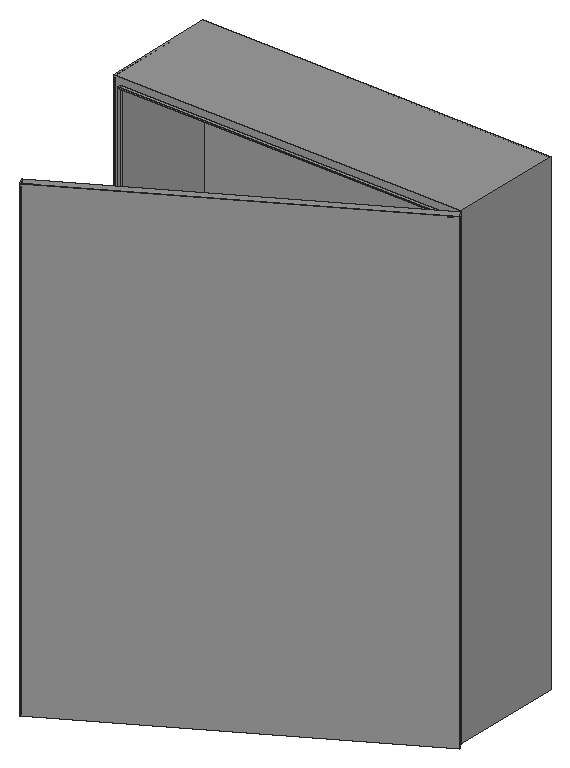
Revit family "Hager-Univers-IP55-D275-H1100-Cl.II-Steel_encl-NoHosted-FR-fr", category Electrical Equipment, Revit 2020
Family settings
  Panel Configuration = Two Columns, Circuits Across
  Round Connector Dimension = Use Diameter
  Part Type = Panelboard
  Work Plane-Based = Yes
  Always vertical = Yes
  Cut with Voids When Loaded = No
  Shared = No
  Room Calculation Point = No
Parameters (values of type "saillie IP55 L800 H1100 P275  - FR73S")
  Width Control [instance] = if([EF000008 - largeur] > Min Width, [EF000008 - largeur], Min Width)  # 800 mm
  Type Comments = [HG000003 - Gamme]  # "Univers"
  Thickness Door [instance] = if([EF009171 - épaisseur de matériau de la porte/du couvercle] > 3 mm, 3 mm, [EF009171 - épaisseur de matériau de la porte/du couvercle])  # 1.5 mm
  Seal Frame Offset [instance] = 17 mm  # constant formula
  Plinth Visibility [instance] = [HG000027 - Hauteur du socle] > 0 mm  # no
  Min Width [instance] = 100 mm  # constant formula
  Min Depth [instance] = (2 * [EF009170 - épaisseur de matériau du boîtier]) + 1 mm  # 4 mm
  Min Height [instance] = 100 mm  # constant formula
  Internal Frame Depth [instance] = (Door System Depth * 0.5)  # 9 mm
  Panel Name [instance] = ""  # (empty or 0)
  Model = ""
  HG000027 - Hauteur du socle = 0 mm
  HG000026 - Installation au sol = no
  HG000024 - Hauteur de la section basse = 600 mm
  HG000023 - Armoire double section = no
  HG000016 - Visibilité de la porte 3D [instance] = yes
  HG000015 - Visibilité de l'emprise de la porte [instance] = no
  HG000014 - Porte à droite [instance] = yes
  HG000013 - Porte à gauche [instance] = not([HG000014 - Porte à droite])  # no
  HG000012 - Angle de pivotement de la porte [instance] = 30.00°
  HG000010 - Portes asymétriques = no
  HG000009 - Porte à double battant = no
  HG000006 - Encastré = no
  HG000004 - Référence fabricant = "FR73S"
  HG000003 - Gamme = "Univers"
  HG000002 - avec porte = yes
  Frame Offset Bottom [instance] = 10 mm  # constant formula
  Frame Offset [instance] = 15 mm  # constant formula
  EF015940 - couvercle avec décharge de pression = no
  EF011959 - degré de protection (NEMA) = ""
  EF009554 - nombre d'ouvertures pour plaques à bride = 6
  EF009212 - finition du couvercle = "EV000116 - fermé"
  EF009171 - épaisseur de matériau de la porte/du couvercle = 1.5 mm
  EF009170 - épaisseur de matériau du boîtier = 1.5 mm
  EF008873 - courant nominal (In) = 800 A
  EF007800 - adapté à un parafoudre = no
  EF006306 - avec serrure = no
  EF006244 - couvercle/porte transparent(e) = no
  EF005474 - indice de protection (IP) = "EV006420 - IP55"
  EF004464 - type de porte = "EV002646 - unique"
  EF004427 - nombre de modules = 252
  EF004293 - indice de protection contre les chocs (IK) = "EV008784 - IK10"
  EF003532 - convient pour utilisation à l’extérieur = no
  EF002950 - largeur en nombre de modules = 24
  EF001613 - maintien de fonction = "EV000494 - sans"
  EF001596 - matériau du boîtier/corps = "EV000179 - acier"
  EF001131 - profondeur intérieure = 275 mm
  EF001088 - possibilité de montage en saillie = yes
  EF000437 - nombre d'entrées de conduit = 6
  EF000339 - type de capot = "EV004216 - porte"
  EF000266 - nombre de rangées = 7
  EF000218 - profondeur d'encastrement = 0 mm
  EF000118 - avec cadre/support de montage = no
  EF000116 - numéro RAL = "7035"
  EF000049 - profondeur = 275 mm
  EF000040 - hauteur = 1100 mm
  EF000008 - largeur = 800 mm
  EF000007 - couleur = "EV000270 - gris"
  EF000003 - mode de pose = "EV000384 - saillie"
  Door System Leaf Tolerance [instance] = 1.5 mm  # constant formula
  Door System Depth [instance] = 18 mm  # constant formula
  Door Height [instance] = Height Control - [HG000027 - Hauteur du socle]  # 1100 mm
  Description = ""
  Default Elevation = 1219.2 mm
  Connector Offset [instance] = Height Control / 2  # 550 mm
  Manufacturer = "Hager"  # constant formula
  Height Control [instance] = if([EF000040 - hauteur] > Min Height, [EF000040 - hauteur], Min Height)  # 1100 mm
  Depth Control [instance] = if([EF000049 - profondeur] > Min Depth, [EF000049 - profondeur], Min Depth)  # 275 mm
  Bottom Top Plate Trim [instance] = 1.5 mm  # constant formula
  Plinth height Ctrl [instance] = if([HG000027 - Hauteur du socle] > 0 mm, [HG000027 - Hauteur du socle], 12 mm)  # 12 mm
Types (3, lengths in mm): name | Width Control | HG000009 - Porte à double battant | HG000004 - Référence fabricant | EF009554 - nombre d'ouvertures pour plaques à bride | EF004464 - type de porte | EF004427 - nombre de modules | EF000437 - nombre d'entrées de conduit | EF000008 - largeur
  saillie IP55 L1050 H1100 P275  - FR74S | 1050 | yes | "FR74S" | 8 | "EV003602 - double" | 336 | 8 | 1050
  saillie IP55 L550 H1100 P275  - FR72S | 550 | no | "FR72S" | 4 | "EV002646 - unique" | 168 | 4 | 550
  saillie IP55 L800 H1100 P275  - FR73S | 800 | no | "FR73S" | 6 | "EV002646 - unique" | 252 | 6 | 800
Reference planes
  plane 1 "Center (Front/Back)": y = 0
  plane 2: z = 0
  plane 3 "Center (Left/Right)": x = 0
  plane 4: y = 0
  plane 5: y = 0
  plane 6: z = 0
  plane 7: x = -400
  plane 8: x = 400
  plane 9: x = 398.5
  plane 10: x = -398.5
  plane 11: z = 0
  plane 12: z = 1.5
  plane 13: y = -275
  plane 14: y = -1.5
  plane 15: x = 0
  plane 16: y = -257
  plane 17: y = -273.5
  plane 18: y = -255.5
  plane 19: x = -383.5
  plane 20: x = 383.5
  plane 21: z = 11.5
  plane 22: x = -383
  plane 23: x = 383
  plane 24: z = 0
  plane 25: z = 1100
  plane 26: z = 1100
  plane 27: z = 1083.5
  plane 28: z = 1098.5
Forms (mm)
  Extrusion 1, solid, material "Hager_Steel_RAL7035_Light_Grey", detail levels medium+fine
    sketch origin (-208.679, -4572, 0) x (-1, 0, 0) y (0, -1, 0)
      loop
        line (191.321, -4315) -> (-608.679, -4315) -> (-608.679, -4572) -> (191.321, -4572) -> (191.321, -4315)
    from 0 to 1100
  Extrusion 2, void
    sketch origin (-350.771, -275, 1219.2) x (1, 0, 0) y (0, 0, 1)
      loop
        line (-47.729, -120.7) -> (-47.729, -1217.7) -> (749.271, -1217.7) -> (749.271, -120.7) -> (-47.729, -120.7)
    from -19.5 to -273.5
  Extrusion 3, void
    sketch origin (-290.084, -257, 1219.2) x (1, 0, 0) y (0, 0, 1)
      loop
        line (-93.416, -1207.7) -> (673.584, -1207.7) -> (673.584, -135.7) -> (-93.416, -135.7) -> (-93.416, -1207.7)
    from 0 to -1.5
  Extrusion 4, solid, material "Hager_Steel_RAL7035_Light_Grey", visible <- "Plinth Visibility", detail levels medium+fine
    sketch origin (0, 0, 0) x (1, 0, 0) y (0, 1, 0)
      loop
        line (-400, 0) -> (-400, -257) -> (400, -257) -> (400, 0) -> (-400, 0)
    from 0 to 12 <- "Plinth height Ctrl"
  Extrusion 5, solid, material "Hager_Steel_RAL7035_Light_Grey", detail levels coarse
    sketch origin (0, 0, 0) x (1, 0, 0) y (0, 1, 0)
      loop
        line (-400, 0) -> (-400, -275) -> (400, -275) -> (400, 0) -> (-400, 0)
    from 0 to 1100 <- "Height Control"
  Sweep 6, void
    path in 3D
      loop
        line (-400, -257, 12) -> (400, -257, 12) -> (400, 0, 12) -> (-400, 0, 12) -> (-400, -257, 12)
    profile origin (-400, -128.5, 12) x (1, 0, 0) y (0, 0, 1)
      loop
        line (0, 0) -> (0, -1.5) -> (1.5, -1.5)
        arc (1.5, -1.5) -> (1.061, -0.439) -> (0, 0) r 1.5
  Extrusion 7, solid, material "Hager_Steel_RAL7035_Light_Grey", detail levels fine
    sketch origin (-400, -257, 0) x (1, 0, 0) y (0, 0, 1)
      loop
        line (16.5, 11.5) -> (783.5, 11.5) -> (783.5, 1083.5) -> (16.5, 1083.5) -> (16.5, 11.5)
      loop
        line (15, 10) -> (785, 10) -> (785, 1085) -> (15, 1085) -> (15, 10)
    from 0 to 9 <- "Internal Frame Depth"
Cuts and joins
  Extrusion 2, Extrusion 3 cuts Extrusion 1
  Sweep 6 cuts Extrusion 4
Lines and regions (mm)
  Masking region 1
    outline origin (0, 0, 0) x (1, 0, 0) y (0, 1, 0)
      loop
        line (-400, 0) -> (-400, -275) -> (400, -275) -> (400, 0) -> (-400, 0)
  Masking region 2, detail levels coarse
    outline origin (-290.084, -257, 1219.2) x (-1, 0, 0) y (0, 0, 1)
      loop
        line (-690.084, -1219.2) -> (109.916, -1219.2) -> (109.916, -119.2) -> (-690.084, -119.2) -> (-690.084, -1219.2)
  Masking region 3, detail levels coarse
    outline origin (0, 0, 0) x (0, 1, 0) y (0, 0, 1)
      loop
        line (0, 0) -> (0, 1100) -> (-275, 1100) -> (-275, 0) -> (0, 0)
  Masking region 4, visible <- "Plinth Visibility", detail levels medium+fine
    outline origin (0, 0, 0) x (0, 1, 0) y (0, 0, 1)
      loop
        line (-1.5, 12) -> (-255.5, 12)
        arc (-255.5, 12) -> (-255.939, 10.939) -> (-257, 10.5) r 1.5
        line (-257, 10.5) -> (-257, 0) -> (0, 0) -> (0, 10.5)
        arc (0, 10.5) -> (-1.061, 10.939) -> (-1.5, 12) r 1.5
  Masking region 5, detail levels medium+fine
    outline origin (0, 0, 594.038) x (0, 1, 0) y (0, 0, 1)
      loop
        line (0, -594.038) -> (0, 505.962) -> (-257, 505.962) -> (-257, -594.038) -> (0, -594.038)
  Masking region 6, detail levels medium+fine
    outline origin (-359.7, -257, 1211.883) x (-1, 0, 0) y (0, 0, 1)
      loop
        line (-759.7, -1211.883) -> (40.3, -1211.883) -> (40.3, -111.883) -> (-759.7, -111.883) -> (-759.7, -1211.883)
  Masking region 7, visible <- "Plinth Visibility", detail levels medium+fine
    outline origin (-320.334, -257, 1041.368) x (-1, 0, 0) y (0, 0, 1)
      loop
        line (-720.334, -1041.368) -> (79.666, -1041.368) -> (79.666, -1030.868)
        arc (79.666, -1030.868) -> (78.606, -1030.429) -> (78.166, -1029.368) r 1.5
        line (78.166, -1029.368) -> (-718.834, -1029.368)
        arc (-718.834, -1029.368) -> (-719.273, -1030.429) -> (-720.334, -1030.868) r 1.5
        line (-720.334, -1030.868) -> (-720.334, -1041.368)
  sketch lines
    curve 1: line (-400, 0, 12) -> (-400, -257, 12)
    curve 2: line (-400, -257, 12) -> (400, -257, 12)
    curve 3: line (400, 0, 12) -> (-400, 0, 12)
    curve 4: line (400, -257, 12) -> (400, 0, 12)
Dimensions and locks
  locked: plane 1 "Center (Front/Back)" to plane 5
  "EF009170 - épaisseur de matériau du boîtier": plane 7 to plane 10
  "EF009170 - épaisseur de matériau du boîtier": plane 8 to plane 9
  equal spacing: plane 7, plane 3 "Center (Left/Right)", plane 8
  "Width Control": plane 7 to plane 8
  "Depth Control": plane 4 to plane 13
  "EF009170 - épaisseur de matériau du boîtier": plane 4 to plane 14
  "Height Control": plane 25 to level
  "HG000027 - Hauteur du socle": plane 11 to level
  "EF009170 - épaisseur de matériau du boîtier": plane 12 to plane 11
  "EF009170 - épaisseur de matériau du boîtier": plane 17 to plane 13
  "EF009170 - épaisseur de matériau du boîtier": plane 18 to plane 16
  "Frame Offset Bottom": plane 21 to plane 12
  "Frame Offset": plane 10 to plane 19
  "Frame Offset": plane 9 to plane 20
  "Door System Depth": plane 16 to plane 13
  "Seal Frame Offset": plane 7 to plane 22
  "Seal Frame Offset": plane 8 to plane 23
  "EF009170 - épaisseur de matériau du boîtier": plane 26 to plane 28
  "Frame Offset": plane 28 to plane 27
  "Connector Offset": plane 2 to connector elem
  "Bottom Top Plate Trim": profile plane to Sweep 6 sketch curve
  "Bottom Top Plate Trim": Sweep 6 sketch curve to Sweep 6 sketch curve
  "Plinth height Ctrl": Masking region 4 sketch curve to level
  "Plinth height Ctrl": Masking region 7 sketch curve to level
  "Thickness Door": Extrusion 7 sketch curve to Extrusion 7 sketch curve  (x4)
  "Bottom Top Plate Trim": radius of Sweep 6 sketch curve
  "Bottom Top Plate Trim": radius of Masking region 4 sketch curve  (x2)
  "Bottom Top Plate Trim": radius of Masking region 7 sketch curve  (x2)
  aligned and locked: Extrusion 2 sketch curve to plane 12
  aligned and locked: Extrusion 2 sketch curve to plane 9
  aligned and locked: Extrusion 2 sketch curve to plane 10
  aligned and locked: Extrusion 2 to plane 14
  aligned and locked: Extrusion 1 sketch curve to plane 4
  aligned and locked: plane 8 to Extrusion 1 sketch curve
  aligned and locked: plane 7 to Extrusion 1 sketch curve
  aligned and locked: Extrusion 2 to plane 18
  aligned and locked: Extrusion 3 sketch curve to plane 19
  aligned and locked: plane 20 to Extrusion 3 sketch curve
  aligned and locked: Extrusion 3 to Extrusion 2
  aligned and locked: Extrusion 3 sketch curve to plane 21
  aligned and locked: plane 3 "Center (Left/Right)" to nested 1
  aligned and locked: Extrusion 1 sketch curve to plane 16
  aligned and locked: Extrusion 4 sketch curve to cut or joined group of Extrusion 1, Extrusion 2, Extrusion 3
  aligned and locked: Masking region 1 sketch curve to plane 7
  aligned and locked: Masking region 1 sketch curve to plane 5
  aligned and locked: Masking region 1 sketch curve to plane 8
  aligned and locked: Masking region 2 sketch curve to level
  aligned and locked: level to Masking region 3 sketch curve
  aligned and locked: plane 1 "Center (Front/Back)" to Masking region 3 sketch curve
  aligned and locked: plane 13 to Masking region 3 sketch curve
  aligned and locked: plane 5 to Masking region 4 sketch curve
  aligned and locked: Masking region 2 sketch curve to plane 8
  aligned and locked: Masking region 2 sketch curve to plane 7
  aligned and locked: plane 7 to nested 2
  aligned and locked: nested 2 to plane 5
  aligned and locked: plane 5 to Masking region 5 sketch curve
  aligned and locked: plane 26 to Masking region 5 sketch curve
  aligned and locked: Extrusion 5 sketch curve to plane 8
  aligned and locked: Extrusion 5 sketch curve to plane 7
  aligned and locked: Extrusion 5 sketch curve to plane 5
  aligned and locked: Extrusion 3 sketch curve to plane 27
  aligned and locked: Extrusion 2 sketch curve to plane 28
  aligned and locked: Masking region 2 to plane 25
  aligned and locked: Extrusion 4 to plane 16
  aligned and locked: profile plane to Sweep 6 sketch curve
  aligned and locked: Masking region 5 sketch curve to plane 24
  aligned and locked: level to Masking region 4 sketch curve
  aligned and locked: Masking region 1 to plane 13
  aligned and locked: nested 1 to plane 16
  aligned and locked: Masking region 3 to plane 25
  aligned and locked: plane 16 to Masking region 4 sketch curve
  aligned and locked: Masking region 5 sketch curve to plane 16
  aligned and locked: plane 24 to plane 11
  aligned and locked: plane 26 to plane 25
  aligned and locked: plane 26 to cut or joined group of Extrusion 1, Extrusion 2, Extrusion 3
  aligned and locked: nested 1 to plane 24
  aligned and locked: Extrusion 1 to Extrusion 3
  aligned and locked: Masking region 6 sketch curve to plane 8
  aligned and locked: Masking region 6 sketch curve to plane 24
  aligned and locked: Masking region 6 sketch curve to plane 7
  aligned and locked: Masking region 6 sketch curve to plane 26
  aligned and locked: Masking region 7 sketch curve to plane 7
  aligned and locked: level to Masking region 7 sketch curve
  aligned and locked: Masking region 7 sketch curve to plane 8
  aligned and locked: Extrusion 7 sketch curve to cut or joined group of Extrusion 1, Extrusion 2, Extrusion 3  (x4)
Automatic sketch dimensions
  plane 19 to Extrusion 3 sketch curve = 0 mm
  Extrusion 3 sketch curve to plane 20 = 0 mm
  Extrusion 3 sketch curve to plane 21 = 0 mm
  Extrusion 4 sketch curve to plane 7 = 0 mm
  Extrusion 4 sketch curve to plane 8 = 0 mm
  Extrusion 4 sketch curve to plane 16 = 0 mm
  Masking region 1 sketch curve to plane 13 = 0 mm
  Masking region 2 sketch curve to plane 25 = 0 mm
  Masking region 3 sketch curve to plane 25 = 0 mm
  Extrusion 5 sketch curve to plane 13 = 0 mm
  profile plane to Sweep 6 sketch curve = 0 mm
Nested families
  nested 1: "EC000058_Univers_Door" at (0, -257, 0), Double <- "HG000009 - Porte à double battant", Transparent <- "EF006244 - couvercle/porte transparent(e)", Angle <- "HG000012 - Angle de pivotement de la porte", Door_Right <- "HG000014 - Porte à droite", Assymetrical <- "HG000010 - Portes asymétriques", Door <- "HG000002 - avec porte", Width_Ctrl <- "Width Control", 3d_Door <- "HG000016 - Visibilité de la porte 3D", Clearance <- "HG000015 - Visibilité de l'emprise de la porte", Door_Left <- "HG000013 - Porte à gauche", Width <- "Width Control", Door_Depth <- "Door System Depth", Leaf_Tolerance <- "Door System Leaf Tolerance", Height <- "Door Height", Lock_Visibility <- "EF006306 - avec serrure", Thickness <- "Thickness Door", type "EC000058_Univers_Door", detail levels medium+fine
    with min_wh 4 mm, Width_Ctrl 800 mm, Width 800 mm, Transparent no, Thickness 1.5 mm, Seal_Material Hager_Rubber, Lock_Visibility no, Lock_Material Hager_Plastic_RAL9005_Jet_Black, Leaf_Width 800 mm, Leaf_Tolerance_External_Sides 0 mm, Leaf_Tolerance 1.5 mm, Leaf_Offset 0 mm, Leaf_Height 1097 mm, Leaf_2_Width 800 mm, Leaf_2_Offset 400 mm, Leaf_1_Width 800 mm, Leaf_1_Offset 400 mm, Height_Ctrl 1100 mm, Height 1100 mm, Glass_Material Hager_Glass, Double_Clearance_Ctrl no, Double no, Door_Right_Ctrl yes, Door_Right yes, Door_Material Hager_Steel_RAL7035_Light_Grey, Door_Left_Ctrl no, Door_Left no, Door_Depth 18 mm, Door yes, Clearance_Material Hager_Clearance, Clearance_Depth 800 mm, Clearance_Ctrl no, Clearance no, Assymetrical no, Angle 30.00°, 3d_Door yes
  nested 2: "Hager_Enclosure_Symbol" at (-400, 0, 0), Height <- "Depth Control", Width <- "Width Control", type "Hager_Enclosure_Symbol"
    with Width_Ctrl 800 mm, Width 800 mm, Height_Ctrl 275 mm, Height 275 mm, A_Width_Int 18.047 mm, A_Width 216.562 mm, A_Height_Ctrl 240.625 mm, A_Height 240.625 mm
Connectors
  electrical at (0, 0, 550)
    settings: on plane 1 "Center (Front/Back)", index 1, voltage 0 V, apparent load 0 VA, apparent load phase1 0 VA, apparent load phase2 0 VA, apparent load phase3 0 VA, power factor 1, load classification "Other", number of poles 1, system type 30, power factor state 1, is connector primary yes, connector utility no, sub classification motor no, connector description ""
Definition of nested family "EC000058_Univers_Door"
  Parameters (values of type "EC000058_Univers_Door")
    min_wh [instance] = (2 * Thickness) + 1 mm  # 11 mm
    Width_Ctrl [instance] = 400 mm
    Width [instance] = 500 mm
    Transparent [instance] = yes
    Thickness [instance] = 5 mm
    Seal_Material [instance] = none
    Lock_Visibility [instance] = yes
    Lock_Material [instance] = none
    Leaf_Width [instance] = if((Width_Ctrl - 2 * Leaf_Tolerance_External_Sides) > 0 mm, (Width_Ctrl - 2 * Leaf_Tolerance_External_Sides), min_wh)  # 400 mm
    Leaf_Tolerance_External_Sides [instance] = 0 mm  # constant formula
    Leaf_Tolerance [instance] = 1.5 mm
    Leaf_Offset [instance] = 0 mm  # constant formula
    Leaf_Height [instance] = if((Height_Ctrl - 2 * Leaf_Tolerance) > 0 mm, (Height_Ctrl - 2 * Leaf_Tolerance), min_wh)  # 497 mm
    Leaf_2_Width [instance] = if(and(and(Double, Assymetrical), Door_Left), (Leaf_Width / 3) - (Leaf_Tolerance / 2), if(and(and(Double, Assymetrical), Door_Right), (Leaf_Width / 3) * 2 - (Leaf_Tolerance / 2), if(and(Double, not(Assymetrical)), (Leaf_Width / 2) - Leaf_Tolerance, Leaf_Width)))  # 400 mm
    Leaf_2_Offset [instance] = if(and(Double, Assymetrical), Leaf_2_Width / 2, if(and(Double, not(Assymetrical)), Leaf_Width / 4, Leaf_Width / 2))  # 200 mm
    Leaf_1_Width [instance] = if(and(and(Double, Assymetrical), Door_Right), (Leaf_Width / 3) - (Leaf_Tolerance / 2), if(and(and(Double, Assymetrical), Door_Left), (Width / 3) * 2 - (Leaf_Tolerance / 2), if(and(Double, not(Assymetrical)), (Leaf_Width / 2) - Leaf_Tolerance, Leaf_Width)))  # 400 mm
    Leaf_1_Offset [instance] = if(and(Double, Assymetrical), Leaf_1_Width / 2, if(and(Double, not(Assymetrical)), Leaf_Width / 4, Leaf_Width / 2))  # 200 mm
    Height_Ctrl [instance] = if(Height > min_wh, Height, min_wh)  # 500 mm
    Height [instance] = 500 mm
    Glass_Material [instance] = none
    Double_Clearance_Ctrl [instance] = and(Double, Clearance)  # no
    Double [instance] = no
    Door_Right_Ctrl [instance] = and(or(Door_Right, Double), Door)  # yes
    Door_Right [instance] = yes
    Door_Material [instance] = none
    Door_Left_Ctrl [instance] = and(or(Door_Left, Double), Door)  # no
    Door_Left [instance] = no
    Door_Depth [instance] = 30 mm
    Door [instance] = yes
    Default Elevation = 1219.2 mm
    Clearance_Material [instance] = none
    Clearance_Depth [instance] = if(Leaf_1_Width > Leaf_2_Width, Leaf_1_Width, Leaf_2_Width)  # 400 mm
    Clearance_Ctrl [instance] = and(not(Double), Clearance)  # yes
    Clearance [instance] = yes
    Assymetrical [instance] = yes
    Angle [instance] = 30.00°
    3d_Door [instance] = yes
  Reference planes
    plane 1 "Center (Front/Back)": y = 0
    plane 2 "Bottom": z = 0
    plane 3 "Center (Left/Right)": x = 0
    plane 4: z = 500
    plane 5: x = -200
    plane 6: x = 200
    plane 7: z = 500
    plane 8: x = -200
    plane 9: z = 0
    plane 10: x = 200
    plane 11: y = 0
    plane 12: z = 1.5
    plane 13: x = -600
    plane 14: y = -400
    plane 15: x = 600
    plane 16: x = 0
    plane 17: x = 0
    plane 18: x = -200
    plane 19: x = 200
    plane 20: z = 498.5
  Forms (mm)
    Extrusion 1, solid, material <- "Clearance_Material", visible <- "Double_Clearance_Ctrl"
      sketch origin (1200, 0, 0) x (1, 0, 0) y (0, 0, -1)
        loop
          line (-1800, -498.5) -> (-600, -498.5) -> (-600, 0) -> (-1800, 0) -> (-1800, -498.5)
      from 0 to -400
  Dimensions and locks
    equal spacing: plane 5, plane 3 "Center (Left/Right)", plane 6
    "Width_Ctrl": plane 5 to plane 6
    "Leaf_Offset": plane 5 to plane 8
    "Leaf_Offset": plane 6 to plane 10
    "Leaf_Offset": plane 9 to level
    "Leaf_Offset": plane 4 to plane 7
    "Height_Ctrl": plane 4 to level
    "Leaf_Tolerance": plane 12 to plane 9
    locked: plane 11 to plane 1 "Center (Front/Back)"
    "Leaf_1_Offset": plane 18 to plane 16
    "Leaf_2_Offset": plane 17 to plane 19
    "Leaf_1_Width": plane 13 to plane 8
    "Leaf_2_Width": plane 10 to plane 15
    "Clearance_Depth": plane 14 to plane 1 "Center (Front/Back)"
    "Leaf_Tolerance_External_Sides": plane 8 to plane 18
    "Leaf_Tolerance_External_Sides": plane 19 to plane 10
    "Leaf_Tolerance": plane 7 to plane 20
    aligned and locked: level to plane 2 "Bottom"
    aligned and locked: nested 1 to plane 16
    aligned and locked: nested 2 to plane 17
    aligned and locked: Extrusion 1 to plane 13
    aligned and locked: plane 15 to Extrusion 1
    aligned and locked: Extrusion 1 to plane 14
    aligned and locked: plane 12 to nested 1
    aligned and locked: nested 2 to plane 12
    aligned and locked: Extrusion 1 to plane 11
    aligned and locked: plane 20 to Extrusion 1
    aligned and locked: nested 2 to plane 11
    aligned and locked: nested 1 to plane 11
  Automatic sketch dimensions
    Extrusion 1 sketch curve to level = 0 mm
    plane 5 to Extrusion 1 sketch curve = 400 mm
    plane 6 to Extrusion 1 sketch curve = 400 mm
    Extrusion 1 sketch curve to plane 4 = 1.5 mm
  Nested families
    nested 1: "EC000058_Univers_Door_Leaf" at (0, 0, 1.5), Width <- "Leaf_1_Width", visible <- "Door_Left_Ctrl", Leaf_Height <- "Leaf_Height", Angle <- "Angle", 3d_Door <- "3d_Door", Transparent <- "Transparent", Clearance Material <- "Clearance_Material", Clearance <- "Clearance_Ctrl", Door_Material <- "Door_Material", Glass_Material <- "Glass_Material", Door_Depth <- "Door_Depth", Lock_Material <- "Lock_Material", Seal_Material <- "Seal_Material", Lock_Visibility <- "Lock_Visibility", Thickness <- "Thickness", type "EC000058_Univers_Door_Leaf"
      with Width 400 mm, Transparent_Glass_Offset 30 mm, Transparent_Ctrl yes, Transparent yes, Thickness 5 mm, Standard no, Seal_Material none, Seal_D2 8 mm, Seal_D1 1 mm, Offset_Internal_Frame 10 mm, Lock_Width 20 mm, Lock_Visibility_3d yes, Lock_Visibility yes, Lock_Thickness_3 3 mm, Lock_Thickness_2 1 mm, Lock_Thickness_1 3 mm, Lock_Radius_Offset_2 16 mm, Lock_Radius_Offset_1 15 mm, Lock_Radius_2 5 mm, Lock_Radius 6 mm, Lock_Offset 5 mm, Lock_Material none, Lock_Height 80 mm, Lock_Cover_Top_Offset_2d 17 mm, Lock_Cover_Height -65 mm, Leaf_Height 497 mm, Internal_Seal_Thickness 8 mm, Internal_Seal_Depth_2 4.5 mm, Internal_Frame_Depth 25 mm, Glass_Thickness -1 mm, Glass_Offset -2 mm, Glass_Material none, Door_Material none, Door_Depth 30 mm, Clearance Material none, Clearance yes, Angle_Ctrl 30.00°, Angle 30.00°, 3d_Door yes
    nested 2: "EC000058_Univers_Door_Leaf" at (0, 0, 1.5) x (-1, 0, 0) z (0, 0, 1), Width <- "Leaf_2_Width", visible <- "Door_Right_Ctrl", Leaf_Height <- "Leaf_Height", Angle <- "Angle", 3d_Door <- "3d_Door", Transparent <- "Transparent", Clearance Material <- "Clearance_Material", Clearance <- "Clearance_Ctrl", Door_Material <- "Door_Material", Glass_Material <- "Glass_Material", Door_Depth <- "Door_Depth", Lock_Material <- "Lock_Material", Seal_Material <- "Seal_Material", Lock_Visibility <- "Lock_Visibility", Thickness <- "Thickness", type "EC000058_Univers_Door_Leaf"
      with Width 400 mm, Transparent_Glass_Offset 30 mm, Transparent_Ctrl yes, Transparent yes, Thickness 5 mm, Standard no, Seal_Material none, Seal_D2 8 mm, Seal_D1 1 mm, Offset_Internal_Frame 10 mm, Lock_Width 20 mm, Lock_Visibility_3d yes, Lock_Visibility yes, Lock_Thickness_3 3 mm, Lock_Thickness_2 1 mm, Lock_Thickness_1 3 mm, Lock_Radius_Offset_2 16 mm, Lock_Radius_Offset_1 15 mm, Lock_Radius_2 5 mm, Lock_Radius 6 mm, Lock_Offset 5 mm, Lock_Material none, Lock_Height 80 mm, Lock_Cover_Top_Offset_2d 17 mm, Lock_Cover_Height -65 mm, Leaf_Height 497 mm, Internal_Seal_Thickness 8 mm, Internal_Seal_Depth_2 4.5 mm, Internal_Frame_Depth 25 mm, Glass_Thickness -1 mm, Glass_Offset -2 mm, Glass_Material none, Door_Material none, Door_Depth 30 mm, Clearance Material none, Clearance yes, Angle_Ctrl 30.00°, Angle 30.00°, 3d_Door yes
  Definition of nested family "EC000058_Univers_Door_Leaf"
    Parameters (values of type "EC000058_Univers_Door_Leaf")
      Width [instance] = 2000 mm
      Transparent_Glass_Offset [instance] = 30 mm
      Transparent_Ctrl [instance] = and(Transparent, [3d_Door])  # yes
      Transparent [instance] = yes
      Thickness [instance] = 5 mm
      Standard [instance] = and(not(Transparent), [3d_Door])  # no
      Seal_Material [instance] = none
      Seal_D2 [instance] = 8 mm  # constant formula
      Seal_D1 [instance] = 1 mm  # constant formula
      Offset_Internal_Frame [instance] = 10 mm  # constant formula
      Lock_Width [instance] = 20 mm  # constant formula
      Lock_Visibility_3d [instance] = and(Lock_Visibility, [3d_Door])  # yes
      Lock_Visibility [instance] = yes
      Lock_Thickness_3 [instance] = 3 mm  # constant formula
      Lock_Thickness_2 [instance] = 1 mm  # constant formula
      Lock_Thickness_1 [instance] = 3 mm  # constant formula
      Lock_Radius_Offset_2 [instance] = Lock_Radius_Offset_1 + 1 mm  # 16 mm
      Lock_Radius_Offset_1 [instance] = 15 mm  # constant formula
      Lock_Radius_2 [instance] = Lock_Radius - 1 mm  # 5 mm
      Lock_Radius [instance] = 6 mm  # constant formula
      Lock_Offset [instance] = 5 mm  # constant formula
      Lock_Material [instance] = none
      Lock_Height [instance] = 80 mm  # constant formula
      Lock_Cover_Top_Offset_2d [instance] = Lock_Radius_Offset_2 + 1 mm  # 17 mm
      Lock_Cover_Height [instance] = -(Lock_Height - Lock_Radius_Offset_1)  # -65 mm
      Leaf_Height [instance] = 2720.336 mm
      Internal_Seal_Thickness [instance] = 8 mm  # constant formula
      Internal_Seal_Depth_2 [instance] = 4.5 mm  # constant formula
      Internal_Frame_Depth [instance] = if(Door_Depth - Thickness > 5 mm, Door_Depth - Thickness, 5 mm)  # 25 mm
      Glass_Thickness [instance] = if(Thickness > 15 mm, Glass_Offset + 10 mm, -1 mm)  # -1 mm
      Glass_Offset [instance] = if(Thickness > 15 mm, -(Thickness + 10 mm) / 2, -2 mm)  # -2 mm
      Glass_Material [instance] = none
      Door_Material [instance] = none
      Door_Depth [instance] = 30 mm
      Default Elevation = 0 mm
      Clearance Material [instance] = none
      Clearance [instance] = yes
      Angle_Ctrl [instance] = if(Angle > 180.00°, 180.00°, Angle)  # 90.00°
      Angle [instance] = 90.00°
      3d_Door [instance] = yes
    Reference planes
      plane 1 "Center (Front/Back)": y = 0
      plane 2: z = 0
      plane 3 "Center (Left/Right)": x = 0
      plane 4: y = 2000
      plane 5: x = -1000
      plane 6: x = 1000
      plane 7: x = -3000
      plane 8: z = 2720.336
      plane 9: z = 30
      plane 10: z = 2690.336
      plane 11: x = 970
      plane 12: x = -970
      plane 13: y = -3
      plane 14: z = 107.833
      plane 15: y = -5
      plane 16: y = -223.314
      plane 17: x = -1000
      plane 18: z = 1360.168
      plane 19: y = 30
    Forms (mm)
      Extrusion 1, solid, material <- "Clearance Material", visible <- "Clearance"
        sketch origin (0, 0, 0) x (1, 0, 0) y (0, 0, 1)
          loop
            line (-3000, 2720.336) -> (-3000, 0) -> (1000, 0) -> (1000, 2720.336) -> (-3000, 2720.336)
        from 0 to -2000
      Extrusion 2, solid, material <- "Door_Material", visible <- "Standard", detail levels medium+fine
        sketch origin (-1000, 0, 0) x (0, 1, 0) y (-1, 0, 0)
          loop
            line (0, 30) -> (0, 25) -> (2000, 25) -> (2000, 30) -> (0, 30)
        from 0 to 2720.336 <- "Leaf_Height"
      Extrusion 3, solid, material <- "Door_Material", visible <- "Transparent_Ctrl", detail levels medium+fine
        sketch origin (-1000, 0, 0) x (0, 1, 0) y (-1, 0, 0)
          loop
            line (0, 25) -> (2000, 25) -> (2000, 30) -> (0, 30) -> (0, 25)
        from 0 to 2720.336 <- "Leaf_Height"
      Extrusion 4, void
        sketch origin (-1025, 2000, 0) x (0, 1, 0) y (0, 0, -1)
          loop
            line (-30, -2690.336) -> (-30, -30) -> (-1970, -30) -> (-1970, -2690.336) -> (-30, -2690.336)
        from 0 to 5 <- "Thickness"
      Sweep 5, solid, material <- "Seal_Material", visible <- "Transparent_Ctrl", detail levels fine
        path in 3D
          loop
            line (-1025, 30, 30) -> (-1025, 30, 2690.336) -> (-1025, 1970, 2690.336) -> (-1025, 1970, 30) -> (-1025, 30, 30)
        profile origin (-1025, 1000, 30) x (1, 0, 0) y (0, 0, 1)
          loop
            line (0, 0) -> (0, -8) -> (1, -8) -> (1, 0) -> (0, 0)
      Extrusion 6, solid, material <- "Glass_Material", visible <- "Transparent_Ctrl", detail levels medium+fine
        sketch origin (-1030, 0, 0) x (0, 1, 0) y (0, 0, -1)
          loop
            line (1970, -2690.336) -> (1970, -30) -> (30, -30) -> (30, -2690.336) -> (1970, -2690.336)
        from -2 <- "Glass_Offset" to -1 <- "Glass_Thickness"
      Extrusion 7, solid, material <- "Door_Material", visible <- "3d_Door", detail levels medium+fine
        sketch origin (-1025, 2000, 0) x (0, -1, 0) y (0, 0, -1)
          loop
            line (0, -2720.336) -> (2000, -2720.336) -> (2000, 0) -> (0, 0) -> (0, -2720.336)
          loop
            line (1995, -5) -> (5, -5) -> (5, -2715.336) -> (1995, -2715.336) -> (1995, -5)
        from 0 to 25 <- "Internal_Frame_Depth"
      Sweep 8, solid, material <- "Seal_Material", visible <- "Transparent_Ctrl", detail levels fine
        path in 3D
          loop
            line (-1025, 0, 0) -> (-1025, 2000, 0) -> (-1025, 2000, 2720.336) -> (-1025, 0, 2720.336) -> (-1025, 0, 0)
        profile origin (-1025, 0, 1360.168) x (1, 0, 0) y (0, 1, 0)
          loop
            line (0, 10) -> (2.975, 10)
            arc (2.975, 10) -> (4.053, 10.447) -> (4.5, 11.525) r 1.525
            line (4.5, 11.525) -> (4.5, 16.527)
            arc (4.5, 16.527) -> (4.069, 17.569) -> (3.027, 18) r 1.473
            line (3.027, 18) -> (0, 18) -> (0, 10)
      Extrusion 9, solid, material <- "Lock_Material", visible <- "Lock_Visibility_3d", detail levels fine
        sketch origin (-1030, 0, 0) x (0, 1, 0) y (0, 0, -1)
          loop
            arc (1993.5, -1400.168) -> (1994.561, -1399.729) -> (1995, -1398.668) r 1.5
            line (1995, -1398.668) -> (1995, -1320.168) -> (1975, -1320.168) -> (1975, -1398.668)
            arc (1975, -1398.668) -> (1975.439, -1399.729) -> (1976.5, -1400.168) r 1.5
            line (1976.5, -1400.168) -> (1993.5, -1400.168)
        from 3 <- "Lock_Thickness_1" to 0
      Blend 10, solid, material <- "Lock_Material", visible <- "Lock_Visibility_3d", detail levels fine
        base sketch origin (-1033, 0, 0) x (0, 1, 0) y (0, 0, -1)
          loop
            line (1975, -1320.168) -> (1975, -1398.668)
            arc (1975, -1398.668) -> (1975.439, -1399.729) -> (1976.5, -1400.168) r 1.5
            line (1976.5, -1400.168) -> (1993.5, -1400.168)
            arc (1993.5, -1400.168) -> (1994.561, -1399.729) -> (1995, -1398.668) r 1.5
            line (1995, -1398.668) -> (1995, -1320.168) -> (1975, -1320.168)
        top sketch origin (-1033, 0, 0) x (0, 1, 0) y (0, 0, -1)
          loop
            line (1976, -1320.168) -> (1976, -1398.668)
            arc (1976, -1398.668) -> (1976.146, -1399.022) -> (1976.5, -1399.168) r 0.5
            line (1976.5, -1399.168) -> (1993.5, -1399.168)
            arc (1993.5, -1399.168) -> (1993.854, -1399.022) -> (1994, -1398.668) r 0.5
            line (1994, -1398.668) -> (1994, -1320.168) -> (1976, -1320.168)
        from 0 to 1 <- "Lock_Thickness_2"
      Blend 11, solid, material <- "Lock_Material", visible <- "Lock_Visibility_3d", detail levels fine
        base sketch origin (-1034, 0, 0) x (0, 1, 0) y (0, 0, -1)
          loop
            line (1978, -1320.168) -> (1978, -1384.168)
            arc (1978, -1384.168) -> (1985, -1391.168) -> (1992, -1384.168) r 7
            line (1992, -1384.168) -> (1992, -1320.168) -> (1978, -1320.168)
        top sketch origin (-1034, 0, 0) x (0, 1, 0) y (0, 0, -1)
          loop
            line (1991, -1320.168) -> (1979, -1320.168) -> (1979, -1383.168)
            arc (1979, -1383.168) -> (1985, -1389.168) -> (1991, -1383.168) r 6
            line (1991, -1383.168) -> (1991, -1320.168)
        from 0 to 3 <- "Lock_Thickness_3"
      Extrusion 12, solid, material <- "Lock_Material", visible <- "Lock_Visibility_3d", detail levels fine
        sketch origin (-1030, 1975, 1320.168) x (1, 0, 0) y (0, -1, 0)
          loop
            line (-7, -19) -> (-7, -1) -> (0, -1) -> (0, 0) -> (-8, 0) -> (-8, -20) -> (0, -20) -> (0, -19) -> (-7, -19)
        from 0 to -65 <- "Lock_Cover_Height"
      Extrusion 13, void
        sketch origin (-1038, 1995, 1320.168) x (-1, 0, 0) y (0, 0, -1)
          loop
            line (-5, -65) -> (0, -65) -> (-5, -60) -> (-5, -65)
        from 0 to 20 <- "Lock_Width"
      Extrusion 14, void
        sketch origin (-1038, 1975, 1320.168) x (0, -1, 0) y (0, 0, -1)
          loop
            circle (-10, -15.995) r 6
          loop
            circle (-10, -15.995) r 5
        from 0 to 2
      Extrusion 15, solid, material <- "Lock_Material", visible <- "Lock_Visibility_3d", detail levels medium
        sketch origin (-1030, 0, 0) x (0, 1, 0) y (0, 0, -1)
          loop
            arc (1993.5, -1400.168) -> (1994.561, -1399.729) -> (1995, -1398.668) r 1.5
            line (1995, -1398.668) -> (1995, -1320.168) -> (1975, -1320.168) -> (1975, -1398.668)
            arc (1975, -1398.668) -> (1975.439, -1399.729) -> (1976.5, -1400.168) r 1.5
            line (1976.5, -1400.168) -> (1993.5, -1400.168)
        from 8 to 0
    Cuts and joins
      Extrusion 4 cuts Extrusion 3
      Extrusion 13, Extrusion 14 cuts Extrusion 9
      Extrusion 14 cuts Blend 11
      Extrusion 13, Extrusion 14 cuts Extrusion 12
      joined: Extrusion 9, Blend 10, Blend 11, Extrusion 12
      Extrusion 14 cuts Extrusion 15
    Lines and regions (mm)
      Masking region 1, visible <- "Lock_Visibility", detail levels fine
        outline origin (0, 0, 0) x (0, 1, 0) y (0, 0, 1)
          loop
            line (30, 1320.168) -> (33, 1320.168) -> (33, 1400.168) -> (30, 1400.168) -> (30, 1320.168)
      Masking region 2, visible <- "Lock_Visibility", detail levels fine
        outline origin (0, 3.143, 0) x (0, 1, 0) y (0, 0, 1)
          loop
            line (29.857, 1354.168) -> (30.857, 1354.168) -> (30.857, 1366.168) -> (29.857, 1366.168) -> (29.857, 1354.168)
      Masking region 3, detail levels medium+fine
        outline origin (0, 0, 0) x (0, 1, 0) y (0, 0, 1)
          loop
            line (0, 0) -> (30, 0) -> (30, 2720.336) -> (0, 2720.336) -> (0, 0)
      Masking region 4, detail levels medium+fine
        outline origin (0, 0, 0) x (1, 0, 0) y (0, 0, 1)
          loop
            line (-1000, 2720.336) -> (-1000, 0) -> (1000, 0) -> (1000, 2720.336) -> (-1000, 2720.336)
      Masking region 5, visible <- "Lock_Visibility", detail levels fine
        outline origin (-47.116, 0, 0) x (1, 0, 0) y (0, 0, 1)
          loop
            arc (1024.616, 1399.168) -> (1023.556, 1398.729) -> (1023.116, 1397.668) r 1.5
            line (1023.116, 1397.668) -> (1023.116, 1320.168) -> (1041.116, 1320.168) -> (1041.116, 1397.668)
            arc (1041.116, 1397.668) -> (1040.677, 1398.729) -> (1039.616, 1399.168) r 1.5
            line (1039.616, 1399.168) -> (1024.616, 1399.168)
      Masking region 6, visible <- "Lock_Visibility", detail levels medium+fine
        outline origin (-25, 0, 0) x (1, 0, 0) y (0, 0, 1)
          loop
            arc (1001.5, 1400.168) -> (1000.439, 1399.729) -> (1000, 1398.668) r 1.5
            line (1000, 1398.668) -> (1000, 1320.168) -> (1020, 1320.168) -> (1020, 1398.668)
            arc (1020, 1398.668) -> (1019.561, 1399.729) -> (1018.5, 1400.168) r 1.5
            line (1018.5, 1400.168) -> (1001.5, 1400.168)
      Masking region 7, visible <- "Lock_Visibility", detail levels fine
        outline origin (-73.735, 0, 0) x (1, 0, 0) y (0, 0, 1)
          loop
            line (1051.735, 1382.168) -> (1065.735, 1382.168) -> (1065.735, 1384.168)
            arc (1065.735, 1384.168) -> (1058.735, 1391.168) -> (1051.735, 1384.168) r 7
            line (1051.735, 1384.168) -> (1051.735, 1382.168)
      Masking region 8, visible <- "Lock_Visibility", detail levels fine
        outline origin (-73.735, 0, 0) x (1, 0, 0) y (0, 0, 1)
          loop
            line (1052.735, 1382.168) -> (1064.735, 1382.168) -> (1064.735, 1383.168)
            arc (1064.735, 1383.168) -> (1058.735, 1389.168) -> (1052.735, 1383.168) r 6
            line (1052.735, 1383.168) -> (1052.735, 1382.168)
      Masking region 9, visible <- "Lock_Visibility", detail levels fine
        outline origin (-25, 0, 0) x (1, 0, 0) y (0, 0, 1)
          loop
            line (1020, 1320.168) -> (1020, 1382.168) -> (1000, 1382.168) -> (1000, 1320.168) -> (1020, 1320.168)
      Masking region 10, detail levels medium+fine
        outline origin (0, 0, 0) x (1, 0, 0) y (0, 0, 1)
          loop
            circle (985, 1335.144) r 6
      Masking region 11, detail levels fine
        outline origin (0, 0, 0) x (1, 0, 0) y (0, 0, 1)
          loop
            circle (985, 1335.144) r 5
      Masking region 12, visible <- "Lock_Visibility", detail levels fine
        outline origin (0, 12.767, 0) x (0, 1, 0) y (0, 0, 1)
          loop
            line (20.233, 1320.168) -> (21.233, 1320.168) -> (21.233, 1399.168) -> (20.233, 1400.168) -> (20.233, 1320.168)
      Masking region 13, visible <- "Lock_Visibility", detail levels fine
        outline origin (0, 13.767, -10) x (0, 1, 0) y (0, 0, 1)
          loop
            line (20.233, 1330.168) -> (23.233, 1330.168) -> (23.233, 1399.168) -> (20.233, 1402.168) -> (20.233, 1330.168)
      Masking region 14, visible <- "Lock_Visibility", detail levels fine
        outline origin (0, 12.767, -10) x (0, 1, 0) y (0, 0, 1)
          loop
            line (20.233, 1330.168) -> (25.233, 1330.168) -> (25.233, 1399.305) -> (20.233, 1394.305) -> (20.233, 1330.168)
      Masking region 15, visible <- "Lock_Visibility", detail levels medium
        outline origin (0, 0, 0) x (0, 1, 0) y (0, 0, 1)
          loop
            line (30, 1320.168) -> (38, 1320.168) -> (38, 1400.168) -> (30, 1400.168) -> (30, 1320.168)
      Masking region 16, visible <- "Lock_Visibility", detail levels fine
        outline origin (-1000, 0, 0) x (0, 1, 0) y (-1, 0, 0)
          loop
            line (1975, 30) -> (1995, 30) -> (1995, 38) -> (1975, 38) -> (1975, 30)
          loop
            line (1979, 37) -> (1976, 37) -> (1976, 34) -> (1978, 34) -> (1979, 37)
          loop
            line (1994, 37) -> (1991, 37) -> (1992, 34) -> (1994, 34) -> (1994, 37)
      Masking region 17, visible <- "Lock_Visibility", detail levels medium
        outline origin (-1000, 0, 0) x (0, 1, 0) y (-1, 0, 0)
          loop
            line (1975, 30) -> (1995, 30) -> (1995, 38) -> (1975, 38) -> (1975, 30)
      symbolic lines
        curve 1: line (1000, 0, 0) -> (-3000, 0, 0)
        curve 2: arc (1000, 0, 0) -> (-1000, 2000, 0) -> (-3000, 0, 0) r 2000
        curve 4: line (-1030, 0, 0) -> (-1030, 2000, 0)
      reference lines
        curve 3: line (-1000, 0, 0) -> (-1000, 2000, 0)
      symbolic lines, detail levels medium+fine
        curve 5: line (-1030, 2000, 0) -> (-1025, 2000, 0)
        curve 7: line (-1025, 0, 0) -> (-1030, 0, 0)
        curve 8: line (-1025, 0, 0) -> (-1000, 0, 0)
        curve 9: line (-1000, 0, 0) -> (-1000, 2000, 0)
        curve 10: line (-1000, 2000, 0) -> (-1025, 2000, 0)
      symbolic lines, detail levels fine
        curve 6: line (-1025, 2000, 0) -> (-1025, 0, 0)
      sketch lines
        curve 11: line (-1025, 0, 2720.336) -> (-1025, 0, 0)
        curve 12: line (-1025, 2000, 0) -> (-1025, 0, 0)
        curve 13: line (-1025, 2000, 2720.336) -> (-1025, 2000, 0)
        curve 14: line (-1025, 0, 2720.336) -> (-1025, 2000, 2720.336)
        curve 15: line (-1025, 1970, 30) -> (-1025, 30, 30)
        curve 16: line (-1025, 30, 30) -> (-1025, 30, 2690.336)
        curve 17: line (-1025, 1970, 2690.336) -> (-1025, 1970, 30)
        curve 18: line (-1025, 30, 2690.336) -> (-1025, 1970, 2690.336)
      symbolic lines, visible <- "Transparent", detail levels medium+fine
        curve 19: line (-970, 0, 2690.336) -> (970, 0, 2690.336)
        curve 20: line (-970, 0, 30) -> (-970, 0, 2690.336)
        curve 21: line (970, 0, 30) -> (-970, 0, 30)
        curve 22: line (970, 0, 2690.336) -> (970, 0, 30)
    Dimensions and locks
      "Width": plane 1 "Center (Front/Back)" to plane 4
      equal spacing: plane 5, plane 3 "Center (Left/Right)", plane 6
      "Width": plane 5 to plane 6
      "Width": plane 7 to plane 5
      "Leaf_Height": plane 8 to level
      "Width": curve 5 to curve 3
      "Width": curve 3 to curve 3
      plane 8 to plane 10 = 30 mm
      plane 9 to level = 30 mm
      plane 12 to plane 5 = 30 mm
      plane 6 to plane 11 = 30 mm
      Extrusion 1 to Extrusion 4 sketch curve = 30 mm
      "Transparent_Glass_Offset": curve 3 to Extrusion 4 sketch curve
      "Transparent_Glass_Offset": Extrusion 4 sketch curve to cut or joined group of Extrusion 3, Extrusion 4  (x2)
      cut or joined group of Extrusion 3, Extrusion 4 to Extrusion 6 sketch curve = 30 mm
      "Transparent_Glass_Offset": cut or joined group of Extrusion 3, Extrusion 4 to Extrusion 4 sketch curve
      "Thickness": curve 6 to curve 4
      "Thickness": Extrusion 7 sketch curve to Extrusion 7 sketch curve  (x4)
      "Door_Depth": curve 4 to curve 3
      "Offset_Internal_Frame": profile plane to Sweep 8 sketch curve
      "Internal_Seal_Thickness": Sweep 8 sketch curve to Sweep 8 sketch curve
      "Internal_Seal_Depth_2": profile plane to Sweep 8 sketch curve
      "Seal_D1": profile plane to Sweep 5 sketch curve
      "Seal_D2": profile plane to Sweep 5 sketch curve
      "Thickness": Extrusion 2 sketch curve to Extrusion 2 sketch curve
      equal spacing: Extrusion 9 sketch curve, plane 18, Extrusion 9 sketch curve  (x2)
      equal spacing: Masking region 1 sketch curve, plane 18, Masking region 1 sketch curve
      "Lock_Height": Masking region 1 sketch curve to Masking region 1 sketch curve
      "Lock_Radius": Masking region 2 sketch curve to plane 18 to Masking region 2 sketch curve
      Masking region 2 sketch curve to Masking region 1 = 1 mm
      "Door_Depth": plane 19 to plane 1 "Center (Front/Back)"
      "Lock_Thickness_1": Masking region 1 sketch curve to plane 19
      "Lock_Width": Extrusion 9 sketch curve to Extrusion 9 sketch curve
      "Lock_Height": Extrusion 9 sketch curve to Extrusion 9 sketch curve
      "Lock_Offset": cut or joined group of Extrusion 3, Extrusion 4 to Extrusion 9 sketch curve
      equal spacing: plane 8, plane 18, level
      "Lock_Radius_Offset_1": Blend 11 sketch curve to Blend 10
      locked: Blend 10 to Blend 11 sketch curve at 2  (x2)
      locked: var sketch to Blend 11 sketch curve at 1  (x2)
      "Lock_Radius_Offset_2": Blend 11 sketch curve to Blend 10
      locked: Extrusion 12 sketch curve to Extrusion 12 sketch curve at 1  (x3)
      Masking region 6 sketch curve to Masking region 6 sketch curve = 80 mm
      "Lock_Height": Masking region 6 sketch curve to Masking region 6 sketch curve
      "Lock_Width": Masking region 6 sketch curve to Masking region 6 sketch curve
      locked: Masking region 6 to Masking region 5 sketch curve at 1  (x3)
      locked: Masking region 5 to Masking region 7 sketch curve at 2  (x2)
      "Lock_Radius_Offset_1": Masking region 5 to Masking region 7 sketch curve
      "Lock_Radius_Offset_2": Masking region 5 to Masking region 8 sketch curve
      locked: Masking region 7 to Masking region 8 sketch curve at 1  (x2)
      "Lock_Cover_Top_Offset_2d": Masking region 5 to Masking region 9 sketch curve
      equal spacing: Masking region 9, Masking region 10 sketch curve, Masking region 9
      equal spacing: Masking region 9, Masking region 11 sketch curve, Masking region 9
      Extrusion 15 sketch curve to Extrusion 15 sketch curve = 80 mm
      "Lock_Width": Extrusion 15 sketch curve to Extrusion 15 sketch curve
      "Lock_Height": Extrusion 15 sketch curve to Extrusion 15 sketch curve
      equal spacing: Extrusion 15 sketch curve, plane 18, Extrusion 15 sketch curve
      "Lock_Thickness_3": Masking region 13 sketch curve to Masking region 13 sketch curve
      "Lock_Height": Masking region 12 sketch curve to Masking region 12 sketch curve
      locked: Masking region 13 sketch curve to Masking region 1 at 8
      locked: Masking region 14 sketch curve to Masking region 13 at 1
      locked: Masking region 14 sketch curve to Masking region 1 at 10.863
      "Lock_Height": Masking region 15 sketch curve to Masking region 15 sketch curve
      "Lock_Offset": Extrusion 15 sketch curve to cut or joined group of Extrusion 3, Extrusion 4
      "Lock_Offset": plane 6 to Masking region 6 sketch curve
      radius of Sweep 8 sketch curve = 1.525 mm
      radius of Sweep 8 sketch curve = 1.473 mm
      radius of Extrusion 9 sketch curve = 1.5 mm  (x2)
      "Lock_Radius": radius of Extrusion 14 sketch curve
      "Lock_Radius_2": radius of Extrusion 14 sketch curve
      "Lock_Radius": radius of Masking region 10 sketch curve
      "Lock_Radius_2": radius of Masking region 11 sketch curve
      radius of Extrusion 15 sketch curve = 1.5 mm  (x2)
      "Angle_Ctrl": angle plane 1 "Center (Front/Back)" to curve 3
      locked: Masking region 12 sketch curve to Masking region 12 sketch curve (angle 45.00°)
      locked: Masking region 13 sketch curve to Masking region 13 sketch curve (angle 45.00°)
      locked: Masking region 14 sketch curve to Masking region 14 sketch curve (angle 45.00°)
      aligned and locked: level to plane 2
      aligned and locked: Extrusion 1 to curve 1
      aligned and locked: plane 6 to Extrusion 1
      aligned and locked: Extrusion 1 to plane 1 "Center (Front/Back)"
      aligned and locked: plane 4 to Extrusion 1
      aligned and locked: plane 8 to Extrusion 1
      aligned and locked: curve 7 to Extrusion 2 sketch curve
      aligned and locked: curve 5 to Extrusion 2 sketch curve
      aligned and locked: curve 7 to Extrusion 3 sketch curve
      aligned and locked: Extrusion 3 sketch curve to curve 4
      aligned and locked: Extrusion 3 sketch curve to curve 6
      aligned and locked: Extrusion 3 sketch curve to curve 5
      aligned and locked: curve 9 to curve 3
      aligned and locked: Extrusion 7 sketch curve to cut or joined group of Extrusion 3, Extrusion 4  (x4)
      aligned and locked: plane 17 to curve 3
      aligned and locked: plane 1 "Center (Front/Back)" to curve 3
      aligned and locked: plane 17 to plane 5
      aligned and locked: Sweep 8 sketch curve to profile plane
      aligned and locked: Sweep 5 sketch curve to profile plane  (x2)
      aligned and locked: Masking region 1 to Masking region 2 sketch curve
      aligned and locked: plane 19 to Masking region 1 sketch curve
      aligned and locked: plane 1 "Center (Front/Back)" to Masking region 3 sketch curve
      aligned and locked: plane 19 to Masking region 3 sketch curve
      aligned and locked: level to Masking region 3 sketch curve
      aligned and locked: Masking region 3 sketch curve to plane 8
      aligned and locked: plane 17 to Masking region 4 sketch curve
      aligned and locked: level to Masking region 4 sketch curve
      aligned and locked: Masking region 4 sketch curve to plane 8
      aligned and locked: plane 12 to curve 20
      aligned and locked: plane 10 to curve 19
      aligned and locked: plane 11 to curve 22
      aligned and locked: curve 21 to plane 9
      aligned and locked: Extrusion 2 sketch curve to cut or joined group of Extrusion 3, Extrusion 4
      aligned and locked: Blend 10 sketch curve to Extrusion 9  (x4)
      aligned and locked: Extrusion 9 to Blend 10 sketch curve
      aligned and locked: Blend 10 to Blend 11 sketch curve
      aligned and locked: Extrusion 12 sketch curve to Blend 11
      aligned and locked: Extrusion 12 sketch curve to Extrusion 9  (x4)
      aligned and locked: Masking region 5 sketch curve to Masking region 6
      aligned and locked: Masking region 9 sketch curve to Masking region 6  (x3)
      aligned and locked: Masking region 12 sketch curve to Masking region 1
      aligned and locked: Masking region 13 sketch curve to Masking region 1
      aligned and locked: Masking region 12 to Masking region 14
      aligned and locked: Masking region 14 sketch curve to Masking region 1
      aligned and locked: Masking region 15 sketch curve to Masking region 14
      aligned and locked: Masking region 13 sketch curve to Masking region 12
      aligned and locked: Masking region 16 sketch curve to cut or joined group of Extrusion 14, Extrusion 15  (x4)
      aligned and locked: Masking region 16 sketch curve to cut or joined group of Extrusion 9, Blend 10, Blend 11, Extrusion 12, Extrusion 13, Extrusion 14  (x6)
      aligned and locked: cut or joined group of Extrusion 9, Blend 10, Blend 11, Extrusion 12, Extrusion 13, Extrusion 14 to Masking region 16 sketch curve
      aligned and locked: Masking region 17 sketch curve to cut or joined group of Extrusion 14, Extrusion 15  (x3)
      aligned and locked: Masking region 17 sketch curve to cut or joined group of Extrusion 9, Blend 10, Blend 11, Extrusion 12, Extrusion 13, Extrusion 14
      aligned and locked: Masking region 9 to Masking region 8 sketch curve
      aligned and locked: Masking region 9 to Masking region 7 sketch curve
    Automatic sketch dimensions
      plane 1 "Center (Front/Back)" to curve 2 = 0 mm
      curve 2 to plane 5 = 0 mm
      Extrusion 1 sketch curve to level = 0 mm
      Extrusion 1 sketch curve to plane 7 = 0 mm
      Extrusion 1 sketch curve to plane 6 = 0 mm
      Extrusion 1 sketch curve to plane 8 = 0 mm
      Extrusion 3 to Extrusion 6 sketch curve = 30 mm  (x4)
      Masking region 4 sketch curve to plane 6 = 0 mm
      Blend 10 sketch curve to Extrusion 9 = 1.5 mm
      Blend 10 sketch curve to Extrusion 9 = 1 mm
      Extrusion 13 sketch curve to Extrusion 12 = 0 mm  (x2)
      Extrusion 12 to Extrusion 13 sketch curve = 3 mm
      Extrusion 13 sketch curve to Extrusion 12 = 5 mm
      Extrusion 14 sketch curve to Extrusion 14 sketch curve = 0 mm  (x2)
      Extrusion 14 sketch curve to Extrusion 12 = 10 mm
      Extrusion 14 sketch curve to Extrusion 12 = 15.995 mm
      Masking region 5 sketch curve to Masking region 5 sketch curve = 1.5 mm  (x2)
      Masking region 10 sketch curve to plane 18 = 25.024 mm
      Masking region 11 sketch curve to plane 18 = 25.024 mm
      plane 19 to Masking region 14 sketch curve = 3 mm
      Masking region 16 sketch curve to Masking region 16 sketch curve = 3 mm
      curve 4 to curve 3 = 0 mm
      Blend 10 to Blend 11 sketch curve = 0 mm
      Masking region 6 sketch curve to Masking region 6 sketch curve = 1.5 mm  (x2)
      Masking region 6 sketch curve to plane 18 = 40 mm
      plane 19 to Masking region 12 sketch curve = 3 mm
      Masking region 12 sketch curve to Masking region 12 sketch curve = 1 mm
      Masking region 15 sketch curve to plane 19 = 0 mm
      Masking region 15 sketch curve to plane 18 = 40 mm
      radius of Blend 10 sketch curve to Extrusion 9 = 1 mm
Definition of nested family "Hager_Enclosure_Symbol"
  Parameters (values of type "Hager_Enclosure_Symbol")
    Width_Ctrl [instance] = if(Width > 1 mm, Width, 1 mm)  # 102.27 mm
    Width [instance] = 102.27 mm
    Height_Ctrl [instance] = if(Height > 1 mm, Height, 1 mm)  # 66.5 mm
    A_Width_Int [instance] = if(A_Width / 12 > 2 mm, A_Width / 12, 2 mm)  # 4.364 mm
    A_Width [instance] = if(A_Height_Ctrl * 0.9 > 2 mm, A_Height_Ctrl * 0.9, 2 mm)  # 52.369 mm
    A_Height_Ctrl [instance] = if(A_Height > 2 mm, A_Height, 2 mm)  # 58.188 mm
    Height [instance] = 66.5 mm
    A_Height [instance] = Height - (Height / 8)  # 58.188 mm
  Reference planes
    plane 1 "Centre (avant/arrière)": y = 0
    plane 2: z = 0
    plane 3 "Centre (gauche/droite)": x = 0
    plane 4: x = 52.369
    plane 5: y = 33.042
    plane 6: y = 41.77
    plane 7: y = 66.5
    plane 8: x = 26.184
    plane 9: y = 37.406
    plane 10: x = 102.27
    plane 11: y = 66.5
    plane 12: y = 8.313
  Lines and regions (mm)
    Filled region 1, type "Solid_Black", in view "Niveau de réf."
      outline origin (0, 0, 0) x (1, 0, 0) y (0, 1, 0)
        loop
          line (52.369, 66.5) -> (33.188, 54.536) -> (45.365, 45.006) -> (52.369, 66.5)
    Filled region 2, type "Solid_Black", in view "Niveau de réf."
      outline origin (0, 0, 0) x (1, 0, 0) y (0, 1, 0)
        loop
          line (0, 0) -> (102.27, 0) -> (102.27, 66.5) -> (0, 0)
    detail lines, in view "Niveau de réf."
      curve 1: line (0, 8.313, 0) -> (26.184, 41.77, 0)
      curve 2: line (26.184, 41.77, 0) -> (26.184, 33.042, 0)
      curve 3: line (26.184, 33.042, 0) -> (52.369, 66.5, 0)
  Dimensions and locks
    "A_Width": plane 3 "Centre (gauche/droite)" to plane 4
    equal spacing: plane 3 "Centre (gauche/droite)", plane 8, plane 4
    equal spacing: plane 6, plane 9, plane 5
    equal spacing: curve 3, Filled region 1 sketch curve, Filled region 1 sketch curve
    "Height_Ctrl": plane 1 "Centre (avant/arrière)" to plane 11
    "A_Height_Ctrl": plane 11 to plane 12
    equal spacing: plane 11, plane 9, plane 12
    "A_Width_Int": plane 6 to plane 9
    "Width_Ctrl": plane 3 "Centre (gauche/droite)" to plane 10
    angle Filled region 1 sketch curve to curve 3 = 20.00°
    angle curve 3 to Filled region 1 sketch curve = 20.00°
    locked: curve 3 to Filled region 1 sketch curve (angle 90.00°)
    aligned and locked: plane 10 to Filled region 2
    aligned and locked: plane 11 to Filled region 2 sketch curve
    aligned and locked: plane 10 to Filled region 2 sketch curve
    aligned and locked: plane 3 "Centre (gauche/droite)" to curve 1
    aligned and locked: plane 12 to curve 1
    aligned and locked: plane 7 to plane 11
  Automatic sketch dimensions
    Filled region 1 sketch curve to plane 4 = 0 mm
    Filled region 1 sketch curve to plane 7 = 0 mm
    plane 1 "Centre (avant/arrière)" to Filled region 2 sketch curve = 0 mm
    Filled region 2 sketch curve to plane 3 "Centre (gauche/droite)" = 0 mm
    curve 2 to plane 6 = 0 mm
    curve 2 to plane 8 = 0 mm
    curve 3 to plane 4 = 0 mm
    curve 2 to plane 5 = 0 mm
    curve 3 to plane 7 = 0 mm
